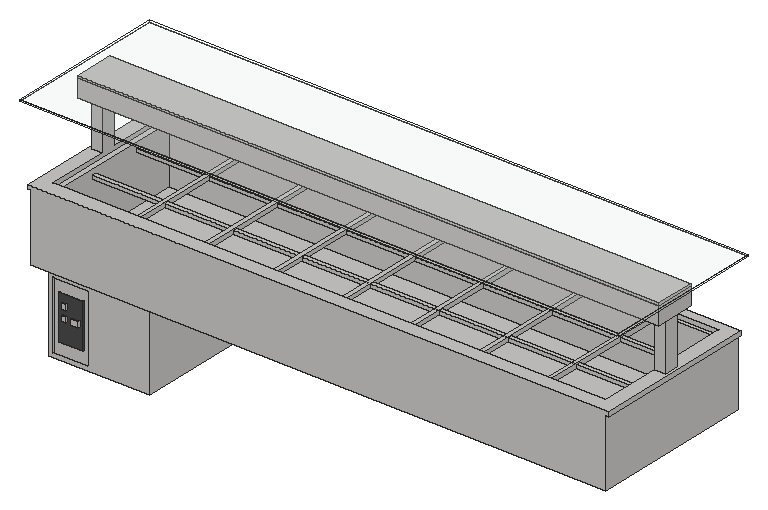
Revit family "QF_Culinaire_Refrigerated Cold Well_CR.CWCF.U.GSF.3_ CR.CWCF.U.GSF.8", category Specialty Equipment, Revit 2014
Parameters (values of type "CR.CWCF.U.GSF.8")
  Width = 2985 mm
  Watts = 1200 W
  Volts = 240 V  # constant formula
  URL = "http://www.stoddart.com.au/"
  Type Comments = "This display is designed to be installed into a cut out in a new or existing bench top which allows for simple, inexpensive installation"  # constant formula
  Gantry Width = 809 mm  # constant formula
  Control Panel = QF_Plastic-Black-Coarse
  Spacing of Grill = (Width - 248 mm) / (Number of Grill + 1)  # 342.125 mm
  Phase = 1  # constant formula
  Number of Grill = 7
  Normal Operating Range = " +2ºC to +4ºC in 32ºC ambient temperature"  # constant formula
  Model = "CR.CWCF.U.GSF.8"
  Manufacturer = "Culinaire"  # constant formula
  Height = 1095 mm  # constant formula
  Gantry = QF_Glass
  Description = "Refrigerated Well Counter Line_Under Bench_8 Modules"
  Depth = 825 mm  # constant formula
  Conn Plug = "10A plug & lead fitted"  # constant formula
  Centre Section = QF_Stainless-Polished
  Body = QF_Stainless-Polished
  Assembly Code = "E1090300"
Types (6, lengths in mm): name | Width | Watts | Spacing of Grill | Number of Grill | Model | Description
  CR.CWCF.U.GSF.3 | 1285 | 820 W | 345.667 | 2 | "CR.CWCF.U.GSF.3" | "Refrigerated Well Counter Line_Under Bench_3 Modules"
  CR.CWCF.U.GSF.4 | 1625 | 820 W | 344.25 | 3 | "CR.CWCF.U.GSF.4" | "Refrigerated Well Counter Line_Under Bench_4 Modules"
  CR.CWCF.U.GSF.5 | 1965 | 900 W | 343.4 | 4 | "CR.CWCF.U.GSF.5" | "Refrigerated Well Counter Line_Under Bench_5 Modules"
  CR.CWCF.U.GSF.6 | 2305 | 900 W | 342.833 | 5 | "CR.CWCF.U.GSF.6" | "Refrigerated Well Counter Line_Under Bench_6 Modules"
  CR.CWCF.U.GSF.7 | 2645 | 1200 W | 342.429 | 6 | "CR.CWCF.U.GSF.7" | "Refrigerated Well Counter Line_Under Bench_7 Modules"
  CR.CWCF.U.GSF.8 | 2985 | 1200 W | 342.125 | 7 | "CR.CWCF.U.GSF.8" | "Refrigerated Well Counter Line_Under Bench_8 Modules"
Reference planes
  plane 1 "Center (Front/Back)": y = 0
  plane 2: z = 0
  plane 3 "Center (Left/Right)": x = 0
  plane 4: x = 1492.5
  plane 5: x = -1492.5
  plane 6: x = -1448.5
  plane 7: x = 1448.5
  plane 8: y = -412.5
  plane 9: y = 412.5
  plane 10: z = 1095
  plane 11: y = 404.5
  plane 12: y = -404.5
  plane 13: z = 1085
  plane 14: z = 380
  plane 15: z = 715
  plane 16: z = 735
  plane 17: z = 1085
  plane 18: y = -100
  plane 19: y = 100
  plane 20: z = 985
  plane 21: y = -35
  plane 22: y = 35
  plane 23: x = -1348.5
  plane 24: y = -399.5
  plane 25: x = -848.5
  plane 26: x = -1378.5
  plane 27: z = 1075
Forms (mm)
  Extrusion 1, solid, material "QF_Glass" <- "Gantry", detail levels medium+fine
    sketch origin (0, 0, 960) x (-1, 0, 0) y (0, -1, 0)
      loop
        line (1492.5, -404.5) -> (1492.5, 404.5) -> (-1492.5, 404.5) -> (-1492.5, -404.5) -> (1492.5, -404.5)
    from 125 to 135
  Extrusion 2, solid, material "QF_Stainless-Polished" <- "Body", detail levels medium+fine
    sketch origin (-53.5, 0, 960) x (-1, 0, 0) y (0, -1, 0)
      loop
        line (1380, -412.5) -> (1380, 412.5) -> (-1487, 412.5) -> (-1487, -412.5) -> (1380, -412.5)
    from -580 to -245
  Extrusion 3, solid, material "QF_Stainless-Polished" <- "Body", detail levels medium+fine
    sketch origin (0, 0, 960) x (-1, 0, 0) y (0, -1, 0)
      loop
        line (1448.5, -412.5) -> (1448.5, 412.5) -> (-1448.5, 412.5) -> (-1448.5, -412.5) -> (1448.5, -412.5)
      loop
        line (1378.5, -365) -> (1378.5, 342.5) -> (-1378.5, 342.5) -> (-1378.5, -365) -> (1378.5, -365)
    from -245 to -225
  Extrusion 4, solid, material "QF_Stainless-Polished" <- "Body", detail levels medium+fine
    sketch origin (-575, 0, 0) x (0, 1, 0) y (0, 0, 1)
      loop
        line (0, 985) -> (100, 985) -> (100, 1075) -> (-100, 1075) -> (-100, 985) -> (0, 985)
    from -873.5 to 2023.5
  Extrusion 5, solid, material "QF_Stainless-Polished" <- "Body", detail levels medium+fine
    sketch origin (0, 0, 960) x (-1, 0, 0) y (0, -1, 0)
      loop
        line (1433.5, -35) -> (1433.5, 35) -> (1378.5, 35) -> (1378.5, -35) -> (1433.5, -35)
      loop
        line (-1378.5, -35) -> (-1378.5, 35) -> (-1433.5, 35) -> (-1433.5, -35) -> (-1378.5, -35)
    from -225 to 25
  Extrusion 6, solid, material "QF_Stainless-Polished" <- "Body", detail levels medium+fine
    sketch origin (-535, 0, 0) x (0, 1, 0) y (0, 0, 1)
      loop
        line (412.5, 380) -> (-404.5, 380) -> (-404.5, 0) -> (412.5, 0) -> (412.5, 380)
    from -313.5 to -813.5
  Extrusion 7, void
    sketch origin (-575, 0, 0) x (0, 1, 0) y (0, 0, 1)
      loop
        line (342.5, 715) -> (-342.5, 715) -> (-342.5, 430) -> (342.5, 430) -> (342.5, 715)
    from -773.5 to 1953.5
  Extrusion 8, void
    sketch origin (0, -281.753, 0) x (0, 0, 1) y (-1, 0, 0)
      loop
        line (360, 1328.5) -> (20, 1328.5) -> (20, 1148.5) -> (360, 1148.5) -> (360, 1328.5)
    from 117.747 to 122.747
  Extrusion 9, solid, material "QF_Plastic-Black-Coarse" <- "Control Panel", detail levels fine
    sketch origin (0, -281.753, 0) x (0, 0, 1) y (-1, 0, 0)
      loop
        line (302.364, 1298.518) -> (82.364, 1298.518) -> (82.364, 1178.518) -> (302.364, 1178.518) -> (302.364, 1298.518)
    from 117.747 to 122.747
  Extrusion 10, solid, material "QF_Stainless-Polished" <- "Body", detail levels fine
    sketch origin (0, -404.5, 0) x (0, 0, 1) y (-1, 0, 0)
      loop
        line (208.862, 1278.639) -> (183.862, 1278.639) -> (183.862, 1258.639) -> (208.862, 1258.639) -> (208.862, 1278.639)
      loop
        line (208.862, 1231.827) -> (183.862, 1231.827) -> (183.862, 1196.827) -> (208.862, 1196.827) -> (208.862, 1231.827)
      loop
        line (264.062, 1278.639) -> (239.062, 1278.639) -> (239.062, 1258.639) -> (264.062, 1258.639) -> (264.062, 1278.639)
    from 0 to 8
  Extrusion 11, solid, material "QF_Stainless-Polished" <- "Body", detail levels medium+fine
    sketch origin (-823.542, -382, 0) x (0, 0, 1) y (-1, 0, 0)
      loop
        line (694.563, 182.833) -> (674.563, 182.833) -> (674.563, 162.833) -> (694.563, 162.833) -> (694.563, 182.833)
    from -724.5 to -39.5
  Extrusion 12, solid, material "QF_Stainless-Polished" <- "Body", detail levels medium+fine
    sketch origin (-481.417, -382, 0) x (0, 0, 1) y (-1, 0, 0)
      loop
        line (694.563, 182.833) -> (674.563, 182.833) -> (674.563, 162.833) -> (694.563, 162.833) -> (694.563, 182.833)
    from -724.5 to -39.5
  Extrusion 13, solid, material "QF_Stainless-Polished" <- "Centre Section", detail levels medium+fine
    sketch origin (-575, 0, 0) x (0, 1, 0) y (0, 0, 1)
      loop
        line (100, 1085) -> (-100, 1085) -> (-100, 1075) -> (100, 1075) -> (100, 1085)
    from -873.5 to 2023.5
  Extrusion 14, solid, material "QF_Stainless-Polished" <- "Body", detail levels coarse
    sketch origin (0, 0, 960) x (-1, 0, 0) y (0, -1, 0)
      loop
        line (1492.5, -412.5) -> (1492.5, 412.5) -> (-1492.5, 412.5) -> (-1492.5, -412.5) -> (1492.5, -412.5)
    from -960 to 135
  Extrusion 15, solid, material "QF_Stainless-Polished" <- "Body", detail levels fine
    sketch origin (-1348.5, 0, 0) x (0, 1, 0) y (0, 0, 1)
      loop
        line (-137.5, 694.563) -> (-137.5, 674.563) -> (-117.5, 674.563) -> (-117.5, 694.563) -> (-137.5, 694.563)
      loop
        line (137.5, 674.563) -> (157.5, 674.563) -> (157.5, 694.563) -> (137.5, 694.563) -> (137.5, 674.563)
    from 0 to 2727
  Extrusion 16, solid, material "QF_Stainless-Polished" <- "Body", detail levels medium+fine
    sketch origin (-139.292, -382, 0) x (0, 0, 1) y (-1, 0, 0)
      loop
        line (694.563, 182.833) -> (674.563, 182.833) -> (674.563, 162.833) -> (694.563, 162.833) -> (694.563, 182.833)
    from -724.5 to -39.5
  Extrusion 17, solid, material "QF_Stainless-Polished" <- "Body", detail levels medium+fine
    sketch origin (202.833, -382, 0) x (0, 0, 1) y (-1, 0, 0)
      loop
        line (694.563, 182.833) -> (674.563, 182.833) -> (674.563, 162.833) -> (694.563, 162.833) -> (694.563, 182.833)
    from -724.5 to -39.5
  Extrusion 18, solid, material "QF_Stainless-Polished" <- "Body", detail levels medium+fine
    sketch origin (544.958, -382, 0) x (0, 0, 1) y (-1, 0, 0)
      loop
        line (694.563, 182.833) -> (674.563, 182.833) -> (674.563, 162.833) -> (694.563, 162.833) -> (694.563, 182.833)
    from -724.5 to -39.5
  Extrusion 19, solid, material "QF_Stainless-Polished" <- "Body", detail levels medium+fine
    sketch origin (887.083, -382, 0) x (0, 0, 1) y (-1, 0, 0)
      loop
        line (694.563, 182.833) -> (674.563, 182.833) -> (674.563, 162.833) -> (694.563, 162.833) -> (694.563, 182.833)
    from -724.5 to -39.5
  Extrusion 20, solid, material "QF_Stainless-Polished" <- "Body", detail levels medium+fine
    sketch origin (1229.208, -382, 0) x (0, 0, 1) y (-1, 0, 0)
      loop
        line (694.563, 182.833) -> (674.563, 182.833) -> (674.563, 162.833) -> (694.563, 162.833) -> (694.563, 182.833)
    from -724.5 to -39.5
Cuts and joins
  Extrusion 7 cuts Extrusion 2
  Extrusion 8 cuts Extrusion 6
  joined: Extrusion 2, Extrusion 3, Extrusion 4, Extrusion 5, Extrusion 6, Extrusion 11, Extrusion 12
Dimensions and locks
  "Width": plane 5 to plane 4
  "Depth": plane 8 to plane 9
  "Height": plane 10 to level
  plane 9 to plane 8 = 825 mm
  plane 11 to plane 12 = 809 mm
  plane 10 to plane 13 = 10 mm
  locked: plane 5 to plane 6 at 44
  locked: plane 7 to plane 4 at 44
  equal spacing: plane 5, plane 3 "Center (Left/Right)", plane 4
  locked: Extrusion 2 to plane 6 at 15
  locked: plane 7 to Extrusion 2 at 15
  Extrusion 3 sketch curve to Extrusion 3 sketch curve = 47.5 mm
  locked: Extrusion 3 sketch curve to Extrusion 3 sketch curve at 70  (x3)
  plane 19 to plane 1 "Center (Front/Back)" to plane 18 = 100 mm, 100 mm
  plane 22 to plane 1 "Center (Front/Back)" = 35 mm
  plane 1 "Center (Front/Back)" to plane 21 = 35 mm
  locked: Extrusion 7 sketch curve to plane 8 at 70
  locked: Extrusion 7 sketch curve to plane 14 at 50
  plane 1 "Center (Front/Back)" to Extrusion 2 = 412.5 mm
  locked: Extrusion 8 sketch curve to level at 20
  locked: plane 14 to Extrusion 8 sketch curve at 20
  locked: plane 12 to plane 24 at 5
  level to Extrusion 2 = 715 mm
  level to Extrusion 6 = 380 mm
  locked: plane 23 to plane 25 at 500
  locked: Extrusion 8 sketch curve to Extrusion 8 sketch curve at 180
  locked: cut or joined group 1 (Extrusion 2, Extrusion 3, Extrusion 4, Extrusion 5, Extrusion 6, Extrusion 7, Extrusion 8, Extrusion 11, Extrusion 12) to Extrusion 8 sketch curve at 20
  locked: Extrusion 9 sketch curve to Extrusion 9 sketch curve at 120
  locked: Extrusion 9 sketch curve to cut or joined group 1 at 49.982
  Extrusion 10 sketch curve to Extrusion 10 sketch curve to Extrusion 10 sketch curve to Extrusion 10 sketch curve = 35 mm locked, 26.812 mm locked, 20 mm locked
  locked: Extrusion 9 to Extrusion 10 sketch curve at 19.879
  locked: plane 23 to plane 6 at 100
  locked: Extrusion 11 sketch curve to Extrusion 11 sketch curve at 20  (x2)
  locked: Extrusion 12 sketch curve to Extrusion 12 sketch curve at 20  (x2)
  equal spacing: group 1, group 2, group 3, group 4, group 5, group 6, group 7  (x3)
  "Spacing of Grill": Extrusion 11 to Extrusion 12
  locked: plane 5 to plane 26 at 114
  "Spacing of Grill": Extrusion 11 to plane 23
  "Gantry Width": plane 12 to plane 11
  locked: Extrusion 3 to Extrusion 5 sketch curve at 15
  locked: Extrusion 5 sketch curve to Extrusion 3 at 15
  locked: Extrusion 5 sketch curve to Extrusion 5 sketch curve at 55  (x2)
  locked: plane 9 to Extrusion 7 sketch curve at 70
  locked: Extrusion 15 sketch curve to Extrusion 15 sketch curve at 20  (x2)
  equal spacing: Extrusion 14, Extrusion 15 sketch curve, Extrusion 15 sketch curve, Extrusion 14
  locked: Extrusion 16 sketch curve to Extrusion 16 sketch curve at 20  (x2)
  locked: Extrusion 17 sketch curve to Extrusion 17 sketch curve at 20  (x2)
  locked: Extrusion 18 sketch curve to Extrusion 18 sketch curve at 20  (x2)
  locked: Extrusion 19 sketch curve to Extrusion 19 sketch curve at 20  (x2)
  locked: Extrusion 20 sketch curve to Extrusion 20 sketch curve at 20  (x2)
  aligned and locked: level to plane 2
  aligned and locked: plane 10 to Extrusion 1
  aligned and locked: Extrusion 1 to plane 13
  aligned and locked: Extrusion 1 to plane 11
  aligned and locked: plane 12 to Extrusion 1
  aligned and locked: Extrusion 2 to plane 14
  aligned and locked: plane 15 to Extrusion 2
  aligned and locked: Extrusion 2 to plane 9
  aligned and locked: plane 8 to Extrusion 2
  aligned and locked: plane 9 to Extrusion 3 sketch curve
  aligned and locked: plane 6 to Extrusion 3 sketch curve
  aligned and locked: Extrusion 3 sketch curve to plane 8
  aligned and locked: Extrusion 3 sketch curve to plane 7
  aligned and locked: Extrusion 4 sketch curve to plane 19
  aligned and locked: plane 18 to Extrusion 4 sketch curve
  aligned and locked: Extrusion 5 sketch curve to Extrusion 5 sketch curve  (x2)
  aligned and locked: Extrusion 5 to plane 16
  aligned and locked: Extrusion 5 to Extrusion 4
  aligned and locked: Extrusion 5 to plane 21
  aligned and locked: Extrusion 5 to plane 22
  aligned and locked: Extrusion 4 to plane 6
  aligned and locked: plane 7 to Extrusion 4
  aligned and locked: Extrusion 6 sketch curve to Extrusion 2
  aligned and locked: Extrusion 6 sketch curve to plane 2
  aligned and locked: plane 23 to Extrusion 6
  aligned and locked: plane 15 to Extrusion 7 sketch curve
  aligned and locked: plane 12 to Extrusion 8
  aligned and locked: plane 24 to Extrusion 8
  aligned and locked: cut or joined group 1 to plane 25
  aligned and locked: plane 12 to Extrusion 9
  aligned and locked: cut or joined group 1 to Extrusion 9
  aligned and locked: Extrusion 10 sketch curve to Extrusion 10 sketch curve  (x2)
  aligned and locked: plane 8 to Extrusion 10
  aligned and locked: Extrusion 10 to plane 12
  aligned and locked: cut or joined group 1 to Extrusion 11  (x2)
  aligned and locked: cut or joined group 1 to plane 23
  aligned and locked: Extrusion 11 to Extrusion 12
  aligned and locked: Extrusion 7 to Extrusion 3
  aligned and locked: plane 27 to Extrusion 13 sketch curve
  aligned and locked: Extrusion 4 sketch curve to Extrusion 13
  aligned and locked: Extrusion 13 to cut or joined group 1  (x2)
  aligned and locked: Extrusion 14 sketch curve to Extrusion 1  (x2)
  aligned and locked: Extrusion 14 sketch curve to cut or joined group 1  (x2)
  aligned and locked: Extrusion 14 to cut or joined group 1
  aligned and locked: Extrusion 14 to Extrusion 1
  aligned and locked: Extrusion 15 sketch curve to cut or joined group 1  (x2)
  aligned and locked: cut or joined group 1 to Extrusion 15 sketch curve  (x2)
  aligned and locked: cut or joined group 1 to Extrusion 15  (x2)
Automatic sketch dimensions
  Extrusion 1 sketch curve to plane 4 = 0 mm
  plane 11 to Extrusion 1 sketch curve = 0 mm
  Extrusion 1 sketch curve to plane 5 = 0 mm
  Extrusion 2 sketch curve to plane 7 = 15 mm
  plane 12 to Extrusion 2 sketch curve = 8 mm
  plane 6 to Extrusion 2 sketch curve = 15 mm
  Extrusion 2 sketch curve to plane 11 = 8 mm
  Extrusion 4 sketch curve to plane 20 = 0 mm
  plane 1 "Center (Front/Back)" to Extrusion 5 sketch curve = 35 mm
  Extrusion 4 sketch curve to plane 1 "Center (Front/Back)" = 0 mm
  Extrusion 5 sketch curve to plane 1 "Center (Front/Back)" = 35 mm
  Extrusion 6 sketch curve to plane 12 = 0 mm
  Extrusion 6 sketch curve to plane 9 = 0 mm
  level to Extrusion 9 sketch curve = 82.364 mm
  Extrusion 9 sketch curve to plane 14 = 77.636 mm
  Extrusion 10 sketch curve to Extrusion 9 = 101.498 mm
  Extrusion 10 sketch curve to Extrusion 10 sketch curve = 0 mm
  Extrusion 10 sketch curve to Extrusion 10 sketch curve = 25 mm  (x3)
  Extrusion 10 sketch curve to Extrusion 10 sketch curve = 30.2 mm
  plane 12 to Extrusion 1 sketch curve = 0 mm
  plane 13 to Extrusion 13 sketch curve = 0 mm
  Extrusion 13 sketch curve to plane 18 = 0 mm
  Extrusion 13 sketch curve to plane 19 = 0 mm
Connectors
  electrical at (-1348.5, 4, 190), driven by "Volts"
    settings: on cut or joined group 1, index 1, voltage 240 V, apparent load 0 VA, apparent load phase1 0 VA, apparent load phase2 0 VA, apparent load phase3 0 VA, power factor 1, load classification "Other", number of poles 1, system type 30, power factor state 1, is connector primary yes, connector utility no, sub classification motor no, connector description "QF_Plug"
